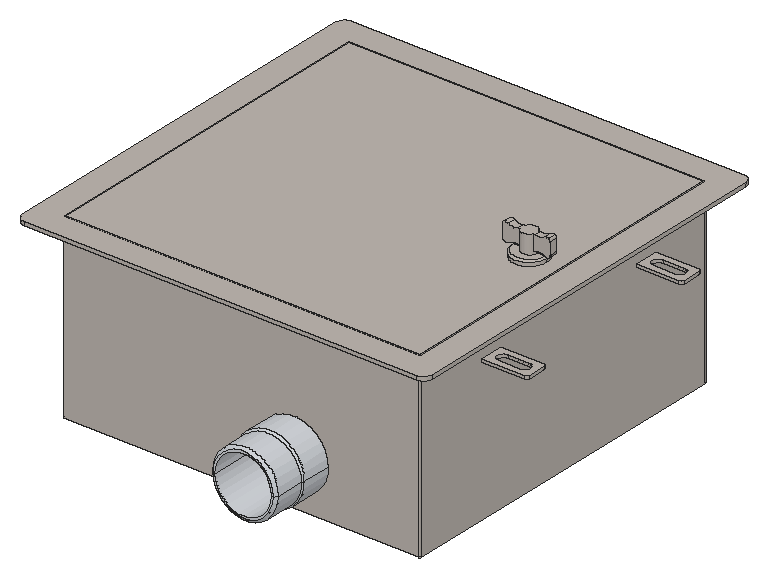
Revit family "MI-DIAL-2", category Pipe Accessories, host Face, Revit 2018
Family settings
  Host = Face
  Round Connector Dimension = Use Diameter
  Part Type = Normal
  Cut with Voids When Loaded = No
  Shared = No
Parameters
  URL = "www.mifab.com"
  Model = "MI-DIAL-2"
  Manufacturer = "MIFAB"
  Description = "STAINLESS STEEL SUPPLY & WASTE DIALYSIS BOX WITH TWO VALVES & DOOR"
  Default Elevation = 4' - 0"
Reference planes (in)
  plane 1 "Center (Front/Back)": y = 0
  plane 2: z = 0
  plane 3 "Center (Left/Right)": x = 0
  plane 4: x = -6.875
  plane 5: x = 6.875
  plane 6: y = 6.875
  plane 7: y = -6.875
  plane 8: x = -6
  plane 9: x = 6
  plane 10: y = 6
  plane 11: y = -6
  plane 12: z = 0.03906
  plane 13: x = 0.76141
  plane 14: x = 2.35719
  plane 15: y = 0.09416
  plane 16: y = -0.09416
  plane 17: y = -4.37545
  plane 18: y = 4.3125
  plane 19: x = 1.5601
  plane 20: y = 6.625
  plane 21: y = -3.96094
Forms (in)
  Extrusion 1, solid, material "Box Material"
    sketch origin (0, 0, -4.791) x (1, 0, 0) y (0, 1, 0)
      loop
        arc (-6.875, -6.57732) -> (-6.78781, -6.78781) -> (-6.57732, -6.875) r 0.29768
        line (-6.57732, -6.875) -> (6.57813, -6.875)
        arc (6.57813, -6.875) -> (6.78805, -6.78805) -> (6.875, -6.57813) r 0.29688
        line (6.875, -6.57813) -> (6.875, 6.56627)
        arc (6.875, 6.56627) -> (6.78458, 6.78458) -> (6.56627, 6.875) r 0.30873
        line (6.56627, 6.875) -> (-6.56627, 6.875)
        arc (-6.56627, 6.875) -> (-6.78458, 6.78458) -> (-6.875, 6.56627) r 0.30873
        line (-6.875, 6.56627) -> (-6.875, -6.57732)
      loop
        arc (-5.94945, 6) -> (-5.98519, 5.98519) -> (-6, 5.94945) r 0.05055
        line (-6, 5.94945) -> (-6, -5.94922)
        arc (-6, -5.94922) -> (-5.98513, -5.98513) -> (-5.94922, -6) r 0.05078
        line (-5.94922, -6) -> (5.94922, -6)
        arc (5.94922, -6) -> (5.98513, -5.98513) -> (6, -5.94922) r 0.05078
        line (6, -5.94922) -> (6, 5.94922)
        arc (6, 5.94922) -> (5.98513, 5.98513) -> (5.94922, 6) r 0.05078
        line (5.94922, 6) -> (-5.94945, 6)
    from 5.95175 to 6.0625
  Extrusion 2, solid, material "Box Material"
    sketch origin (0, 0, -4.791) x (1, 0, 0) y (0, 1, 0)
      loop
        arc (6, 5.94922) -> (5.98513, 5.98513) -> (5.94922, 6) r 0.05078
        line (5.94922, 6) -> (-5.94945, 6)
        arc (-5.94945, 6) -> (-5.98519, 5.98519) -> (-6, 5.94945) r 0.05055
        line (-6, 5.94945) -> (-6, -5.94922)
        arc (-6, -5.94922) -> (-5.98513, -5.98513) -> (-5.94922, -6) r 0.05078
        line (-5.94922, -6) -> (5.94922, -6)
        arc (5.94922, -6) -> (5.98513, -5.98513) -> (6, -5.94922) r 0.05078
        line (6, -5.94922) -> (6, 5.94922)
      loop
        line (-5.96094, 5.96156) -> (-5.96094, -5.96094) -> (5.96094, -5.96094) -> (5.96094, 5.96156) -> (-5.96094, 5.96156)
    from 0.03906 to 6.0625
  Extrusion 3, solid, material "Box Material"
    sketch origin (0, 0, -4.791) x (1, 0, 0) y (0, 1, 0)
      loop
        line (-6, 5.94945) -> (-6, -5.94922)
        arc (-6, -5.94922) -> (-5.98513, -5.98513) -> (-5.94922, -6) r 0.05078
        line (-5.94922, -6) -> (5.94922, -6)
        arc (5.94922, -6) -> (5.98513, -5.98513) -> (6, -5.94922) r 0.05078
        line (6, -5.94922) -> (6, 5.94922)
        arc (6, 5.94922) -> (5.98513, 5.98513) -> (5.94922, 6) r 0.05078
        line (5.94922, 6) -> (-5.94945, 6)
        arc (-5.94945, 6) -> (-5.98519, 5.98519) -> (-6, 5.94945) r 0.05055
    from 0 to 0.03906
  Extrusion 4, solid, material "Box Material"
    sketch origin (0, 0, -4.791) x (1, 0, 0) y (0, 1, 0)
      loop
        line (6, 3.84196) -> (6, 3.03435) -> (7.46993, 3.03435)
        arc (7.46993, 3.03435) -> (7.53919, 3.06304) -> (7.56788, 3.1323) r 0.09795
        line (7.56788, 3.1323) -> (7.56788, 3.7443)
        arc (7.56788, 3.7443) -> (7.53928, 3.81335) -> (7.47022, 3.84196) r 0.09766
        line (7.47022, 3.84196) -> (6, 3.84196)
      loop
        arc (7.17644, 3.24703) -> (7.36771, 3.4383) -> (7.17644, 3.62957) r 0.19127
        line (7.17644, 3.62957) -> (6.43294, 3.62957)
        arc (6.43294, 3.62957) -> (6.24167, 3.4383) -> (6.43294, 3.24703) r 0.19127
        line (6.43294, 3.24703) -> (7.17644, 3.24703)
      loop
        line (-6, 3.84196) -> (-7.47022, 3.84196)
        arc (-7.47022, 3.84196) -> (-7.53928, 3.81335) -> (-7.56788, 3.7443) r 0.09766
        line (-7.56788, 3.7443) -> (-7.56788, 3.1323)
        arc (-7.56788, 3.1323) -> (-7.53919, 3.06304) -> (-7.46993, 3.03435) r 0.09795
        line (-7.46993, 3.03435) -> (-6, 3.03435) -> (-6, 3.84196)
      loop
        line (-7.17644, 3.24703) -> (-6.43294, 3.24703)
        arc (-6.43294, 3.24703) -> (-6.24167, 3.4383) -> (-6.43294, 3.62957) r 0.19127
        line (-6.43294, 3.62957) -> (-7.17644, 3.62957)
        arc (-7.17644, 3.62957) -> (-7.36771, 3.4383) -> (-7.17644, 3.24703) r 0.19127
      loop
        line (6, -2.65804) -> (6, -3.46565) -> (7.46993, -3.46565)
        arc (7.46993, -3.46565) -> (7.53919, -3.43696) -> (7.56788, -3.3677) r 0.09795
        line (7.56788, -3.3677) -> (7.56788, -2.7557)
        arc (7.56788, -2.7557) -> (7.53928, -2.68665) -> (7.47022, -2.65804) r 0.09766
        line (7.47022, -2.65804) -> (6, -2.65804)
      loop
        arc (7.17644, -3.25297) -> (7.36771, -3.0617) -> (7.17644, -2.87043) r 0.19127
        line (7.17644, -2.87043) -> (6.43294, -2.87043)
        arc (6.43294, -2.87043) -> (6.24167, -3.0617) -> (6.43294, -3.25297) r 0.19127
        line (6.43294, -3.25297) -> (7.17644, -3.25297)
      loop
        line (-6, -2.65804) -> (-7.47022, -2.65804)
        arc (-7.47022, -2.65804) -> (-7.53928, -2.68665) -> (-7.56788, -2.7557) r 0.09766
        line (-7.56788, -2.7557) -> (-7.56788, -3.3677)
        arc (-7.56788, -3.3677) -> (-7.53919, -3.43696) -> (-7.46993, -3.46565) r 0.09795
        line (-7.46993, -3.46565) -> (-6, -3.46565) -> (-6, -2.65804)
      loop
        line (-7.17644, -3.25297) -> (-6.43294, -3.25297)
        arc (-6.43294, -3.25297) -> (-6.24167, -3.0617) -> (-6.43294, -2.87043) r 0.19127
        line (-6.43294, -2.87043) -> (-7.17644, -2.87043)
        arc (-7.17644, -2.87043) -> (-7.36771, -3.0617) -> (-7.17644, -3.25297) r 0.19127
    from 4.791 to 4.875
  Extrusion 5, solid, material "Box Material"
    sketch origin (0, 0, -4.791) x (1, 0, 0) y (0, 1, 0)
      loop
        line (-5.96094, 5.96156) -> (-5.96094, -5.96094) -> (5.96094, -5.96094) -> (5.96094, 5.96156) -> (-5.96094, 5.96156)
    from 5.841 to 6.0625
  Revolve 6, solid
    sketch origin (-17.5625, 0, -2.541) x (1, 0, 0) y (0, 1, 0)
      loop
        line (15.125, 6.625) -> (14.5138, 6.625) -> (14.5138, 5.30674) -> (15.125, 5.30674) -> (15.125, 6.625)
      axis (14.5138, 5.30674) -> (14.5138, 6.625)
    angle from 0 to 360
  Extrusion 7, solid, material "Box Material"
    sketch origin (0, 0, -4.791) x (1, 0, 0) y (0, 1, 0)
      loop
        line (5.96094, -3.96094) -> (-5.96094, -3.96094) -> (-5.96094, -5.96094) -> (5.96094, -5.96094) -> (5.96094, -3.96094)
    from 4.791 to 4.875
  Extrusion 8, void
    sketch origin (5.94922, 6, -4.791) x (1, 0, 0) y (0, 0, 1)
      loop
        circle (-8.99792, 2.25) r 0.6112
      loop
        circle (-2.98229, 2.25) r 0.6112
    from 0 to 0.03844
  Revolve 9, solid
    sketch origin (-11.54688, 0, -2.541) x (1, 0, 0) y (0, 1, 0)
      loop
        line (15.125, 6.625) -> (14.5138, 6.625) -> (14.5138, 5.30674) -> (15.125, 5.30674) -> (15.125, 6.625)
      axis (14.5138, 5.30674) -> (14.5138, 6.625)
    angle from 0 to 360
  Extrusion 10, void
    sketch origin (0, 0, 0) x (1, 0, 0) y (0, 1, 0)
      loop
        line (-6, 5.94945) -> (-6, -5.94922)
        arc (-6, -5.94922) -> (-5.98513, -5.98513) -> (-5.94922, -6) r 0.05078
        line (-5.94922, -6) -> (5.94922, -6)
        arc (5.94922, -6) -> (5.98513, -5.98513) -> (6, -5.94922) r 0.05078
        line (6, -5.94922) -> (6, 5.94922)
        arc (6, 5.94922) -> (5.98513, 5.98513) -> (5.94922, 6) r 0.05078
        line (5.94922, 6) -> (-5.94945, 6)
        arc (-5.94945, 6) -> (-5.98519, 5.98519) -> (-6, 5.94945) r 0.05055
    from -4.791 to 0
Cuts and joins
  Extrusion 8 cuts Extrusion 2
  joined: Extrusion 1, Extrusion 2, Extrusion 3
  Extrusion 8 cuts Revolve 6
  Extrusion 8 cuts Revolve 9
  Extrusion 10 cuts Extrusion 7
Dimensions and locks (in)
  equal spacing: plane 4, plane 3 "Center (Left/Right)", plane 5
  plane 4 to plane 5 = 1' - 1 3/4"
  equal spacing: plane 7, plane 1 "Center (Front/Back)", plane 6
  locked: plane 7 to plane 6 at 13.75
  equal spacing: plane 8, plane 3 "Center (Left/Right)", plane 9
  plane 8 to plane 9 = 1' - 0"
  equal spacing: plane 10, plane 1 "Center (Front/Back)", plane 11
  plane 10 to plane 11 = 1' - 0"
  locked: plane 12 to plane 2 at 0.03906
  locked: plane 10 to plane 20 at 0.625
  cut or joined group of Extrusion 1, Extrusion 2, Extrusion 3, Extrusion 8 to cut or joined group of Extrusion 1, Extrusion 2, Extrusion 3, Extrusion 8 = 0' - 6 1/16"
  aligned and locked: plane 2 to host face
  aligned and locked: level to host face
  aligned and locked: Extrusion 3 sketch curve to Extrusion 2  (x4)
  aligned and locked: Extrusion 8 sketch curve to Revolve 6  (x2)
  aligned and locked: Extrusion 8 to Extrusion 1
  aligned and locked: Extrusion 2 to Extrusion 8
  aligned and locked: Extrusion 8 sketch curve to Revolve 9  (x2)
  aligned and locked: Extrusion 10 sketch curve to cut or joined group of Extrusion 1, Extrusion 2, Extrusion 3, Extrusion 8  (x4)
  aligned and locked: Extrusion 10 to Extrusion 3
  aligned and locked: level to Extrusion 10
Automatic sketch dimensions
  host sketch curve to host sketch curve = 8' - 0"  (x2)
  Extrusion 2 sketch curve to Extrusion 2 sketch curve = 0' - 0.01149"
  Extrusion 2 sketch curve to Extrusion 2 sketch curve = 0' - 0 3/256"  (x4)
  Extrusion 2 sketch curve to Extrusion 2 sketch curve = 0' - 0.01234"
  Extrusion 4 sketch curve to Extrusion 4 sketch curve = 0' - 0.29349"  (x4)
  Extrusion 4 sketch curve to Extrusion 4 sketch curve = 0' - 0.29379"  (x4)
  Extrusion 4 sketch curve to Extrusion 4 sketch curve = 0' - 0.09795"  (x3)
  Extrusion 4 sketch curve to Extrusion 4 sketch curve = 0' - 0 25/256"  (x2)
  Extrusion 4 sketch curve to Extrusion 4 sketch curve = 0' - 0.11473"  (x8)
  Extrusion 4 sketch curve to Extrusion 4 sketch curve = 0' - 0.19127"  (x4)
  Extrusion 4 sketch curve to Extrusion 4 sketch curve = 0' - 0"  (x10)
  Revolve 6 sketch curve to Revolve 6 sketch curve = 0' - 0.6112"
  Revolve 6 sketch curve to Revolve 6 sketch curve = 0' - 0"  (x2)
  Revolve 9 sketch curve to Revolve 9 sketch curve = 0' - 0.6112"
  Revolve 9 sketch curve to Revolve 9 sketch curve = 0' - 0"  (x2)
  Extrusion 1 sketch curve to Extrusion 1 sketch curve = 0' - 0.56627"  (x2)
  Extrusion 1 sketch curve to Extrusion 1 sketch curve = 0' - 0.6281"
  Extrusion 1 sketch curve to Extrusion 1 sketch curve = 0' - 0.30873"  (x2)
  Extrusion 1 sketch curve to Extrusion 1 sketch curve = 0' - 0 161/256"
  Extrusion 1 sketch curve to Extrusion 1 sketch curve = 0' - 0.57732"
  Extrusion 1 sketch curve to Extrusion 1 sketch curve = 0' - 0.61705"
  Extrusion 2 sketch curve to Extrusion 2 sketch curve = 0' - 0 5/128"  (x2)
  Extrusion 2 sketch curve to Extrusion 2 sketch curve = 0' - 11.89866"
  Extrusion 2 sketch curve to Extrusion 2 sketch curve = 0' - 11 115/128"
  Extrusion 4 sketch curve to Extrusion 4 sketch curve = 0' - 0.7435"  (x4)
  Extrusion 4 sketch curve to Extrusion 4 sketch curve = 0' - 0.43294"  (x4)
  Extrusion 4 sketch curve to Extrusion 4 sketch curve = 1' - 0"
  Extrusion 4 sketch curve to Extrusion 4 sketch curve = 0' - 5.6924"  (x2)
  Extrusion 5 sketch curve to Extrusion 5 sketch curve = 0' - 11 59/64"
  Extrusion 5 sketch curve to Extrusion 5 sketch curve = 0' - 11.9225"
  Revolve 6 sketch curve to Revolve 6 sketch curve = 0' - 1.31826"
  Revolve 6 sketch curve to Revolve 6 sketch curve = 0' - 0.26185"
  Extrusion 7 sketch curve to Extrusion 7 sketch curve = 0' - 11 59/64"
  Extrusion 7 sketch curve to Extrusion 7 sketch curve = 0' - 2"
  Revolve 9 sketch curve to Revolve 9 sketch curve = 0' - 1.31826"
  Revolve 9 sketch curve to Revolve 9 sketch curve = 0' - 0.26185"
  Extrusion 1 sketch curve to plane 4 = 0' - 0"
  plane 7 to Extrusion 1 sketch curve = 0' - 0"
  plane 10 to Extrusion 1 sketch curve = 0' - 0"
  Extrusion 1 sketch curve to plane 11 = 0' - 0"
  Extrusion 1 sketch curve to plane 9 = 0' - 0"
  Extrusion 1 sketch curve to plane 6 = 0' - 0"
  plane 8 to Extrusion 1 sketch curve = 0' - 0.05055"
  Extrusion 1 sketch curve to Extrusion 1 sketch curve = 0' - 0 13/256"
  Extrusion 2 sketch curve to plane 8 = 0' - 0"
  plane 11 to Extrusion 2 sketch curve = 0' - 0"
  Extrusion 4 sketch curve to plane 8 = 0' - 0"
  plane 21 to Extrusion 4 sketch curve = 0' - 0.49529"
  plane 8 to Extrusion 5 sketch curve = 0' - 0 5/128"
  plane 11 to Extrusion 5 sketch curve = 0' - 0 5/128"
  plane 20 to Revolve 6 sketch curve = 0' - 0"
  plane 8 to Revolve 6 sketch curve = 0' - 2.9513"
  Extrusion 7 sketch curve to plane 21 = 0' - 0"
  plane 8 to Extrusion 7 sketch curve = 0' - 0 5/128"
  plane 20 to Revolve 9 sketch curve = 0' - 0"
  Revolve 9 sketch curve to plane 14 = 0' - 0.60974"
Nested families (in)
  nested 1: "Bottom Con1" at (1.75, -6, -3.166) x (-1, 0, 0) z (0, -1, 0), type "Bottom Con1"
  nested 2: "Rooted  switch" at (4.87052, 0, 1.2715), type "Rooted  switch"
Connectors (in)
  piping at (-3.0487, 6.625, -2.541), diameter 0.5
    settings: on cut or joined group of Revolve 6, Extrusion 8, index 1, connector inside diameter 609.6 mm, connector length 0' - 0", flow factor 0, pipe flow 0.0 L/s, pressure drop 0.0 Pa, fitting loss kfactor 0, connector angle 0.00°, fixture units 0, engagement length 0' - 0", angle of deflection 0.00°, flow configuration 0, flow direction 1, fitting loss method 0, system type 7, joint type 0, gender type 0, connector reference index -1, connector utility 0, adjustable connector no, is connector primary yes, connector description ""
  piping at (2.96693, 6.625, -2.541), diameter 0.5
    settings: on cut or joined group of Extrusion 8, Revolve 9, index 2, connector inside diameter 609.6 mm, connector length 0' - 0", flow factor 0, pipe flow 0.0 L/s, pressure drop 0.0 Pa, fitting loss kfactor 0, connector angle 0.00°, fixture units 0, engagement length 0' - 0", angle of deflection 0.00°, flow configuration 0, flow direction 1, fitting loss method 0, system type 7, joint type 0, gender type 0, connector reference index -1, connector utility 0, adjustable connector no, is connector primary no, connector description ""
  piping at (1.75, -8.09791, -3.166), diameter 2
    settings: on nested 1, index 3, connector inside diameter 609.6 mm, connector length 0' - 0", flow factor 0, pipe flow 0.0 L/s, pressure drop 0.0 Pa, fitting loss kfactor 0, connector angle 0.00°, fixture units 0, engagement length 0' - 0", angle of deflection 0.00°, flow configuration 0, flow direction 2, fitting loss method 0, system type 16, joint type 0, gender type 0, connector reference index -1, connector utility 0, adjustable connector no, is connector primary no, connector description ""
Definition of nested family "Bottom Con1"
  Parameters (values of type "Bottom Con1")
    Default Elevation = 4' - 0"
  Reference planes (in)
    plane 1 "Center (Front/Back)": y = 0
    plane 2: z = 0
    plane 3 "Center (Left/Right)": x = 0
  Forms (in)
    Extrusion 1, solid
      sketch origin (0, 0, 0) x (1, 0, 0) y (0, 1, 0)
        loop
          line (-48, 48) -> (-48, -48) -> (48, -48) -> (48, 48) -> (-48, 48)
      from 0 to -12
    Revolve 2, solid
      sketch origin (-17.8814, 0, 10.75134) x (1, 0, 0) y (0, 0, -1)
        loop
          line (18.82825, 10.75134) -> (18.82825, 8.65343) -> (18.8939, 8.65343) -> (18.98777, 8.74729) -> (18.98777, 9.68522) -> (19.03824, 9.75729) -> (19.03824, 10.75134) -> (18.82825, 10.75134)
        axis (17.8814, 8.65343) -> (17.8814, 10.75134)
      angle from 0 to 360
  Dimensions and locks (in)
    aligned and locked: plane 2 to Extrusion 1
    aligned and locked: level to Extrusion 1
Definition of nested family "Rooted  switch"
  Parameters (values of type "Rooted  switch")
    Material = none
    Default Elevation = 4' - 0"
  Reference planes (in)
    plane 1 "Center (Front/Back)": y = 0
    plane 2: z = 0
    plane 3 "Center (Left/Right)": x = 0
  Forms (in)
    Extrusion 1, solid
      sketch origin (0, 0, 0) x (1, 0, 0) y (0, 1, 0)
        loop
          line (-48, 48) -> (-48, -48) -> (48, -48) -> (48, 48) -> (-48, 48)
      from 0 to -12
    Revolve 2, solid, material <- "Material"
      sketch origin (-1.57827, 0, 15.64376) x (1, 0, 0) y (0, 0, -1)
        loop
          line (1.57827, 15.64376) -> (1.57827, 14.87521) -> (1.82915, 14.87521) -> (1.82915, 15.47816) -> (2.10161, 15.47816) -> (2.15874, 15.53529) -> (2.15874, 15.64376) -> (1.57827, 15.64376)
        axis (1.57827, 15.64376) -> (1.57827, 14.87521)
      angle from 0 to 360
    Extrusion 3, solid, material <- "Material"
      sketch origin (-1.57827, -1.25, 15.64376) x (1, 0, 0) y (0, 1, 0)
        loop
          line (1.73496, 1.375) -> (1.73496, 1.125) -> (2.39514, 1.125) -> (2.39514, 1.375) -> (1.73496, 1.375)
        loop
          line (1.40421, 1.375) -> (0.76141, 1.375) -> (0.76141, 1.125) -> (1.40421, 1.125) -> (1.40421, 1.375)
      from -15.41877 to -14.80436
    Extrusion 4, void
      sketch origin (-1.57827, -1.25, 15.64376) x (1, 0, 0) y (0, 0, -1)
        loop
          arc (1.78763, 15.38205) -> (1.98861, 15.32744) -> (2.18676, 15.39159) r 0.36516
          arc (2.18676, 15.39159) -> (2.25947, 15.41448) -> (2.33253, 15.39274) r 0.13017
          arc (2.33253, 15.39274) -> (2.36455, 15.35764) -> (2.37614, 15.31156) r 0.09736
          line (2.37614, 15.31156) -> (2.37614, 14.90943)
          arc (2.37614, 14.90943) -> (2.36455, 14.86336) -> (2.33253, 14.82825) r 0.09736
          arc (2.33253, 14.82825) -> (2.25947, 14.80651) -> (2.18676, 14.82941) r 0.13017
          arc (2.18676, 14.82941) -> (2.03139, 14.89001) -> (1.86529, 14.87521) r 0.36516
          line (1.86529, 14.87521) -> (1.73496, 14.87521) -> (1.73496, 14.79867) -> (2.43157, 14.79867) -> (2.43157, 15.42233) -> (1.78763, 15.42233) -> (1.78763, 15.38205)
      from 1.0162 to 1.4737
    Extrusion 5, void
      sketch origin (1.57827, -1.25, 15.64376) x (-1, 0, 0) y (0, 0, 1)
        loop
          line (1.79502, -15.3776) -> (1.79502, -15.42233) -> (2.43157, -15.42233) -> (2.43157, -14.79867) -> (1.7442, -14.79867) -> (1.7442, -14.87521) -> (1.86529, -14.87521)
          arc (1.86529, -14.87521) -> (2.03139, -14.89001) -> (2.18676, -14.82941) r 0.36516
          arc (2.18676, -14.82941) -> (2.25947, -14.80651) -> (2.33253, -14.82825) r 0.13017
          arc (2.33253, -14.82825) -> (2.36455, -14.86336) -> (2.37614, -14.90943) r 0.09736
          line (2.37614, -14.90943) -> (2.37614, -15.31156)
          arc (2.37614, -15.31156) -> (2.36455, -15.35764) -> (2.33253, -15.39274) r 0.09736
          arc (2.33253, -15.39274) -> (2.25947, -15.41448) -> (2.18676, -15.39159) r 0.13017
          arc (2.18676, -15.39159) -> (1.99292, -15.32757) -> (1.79502, -15.3776) r 0.36516
      from 1.0162 to 1.4737
  Cuts and joins
    Extrusion 4, Extrusion 5 cuts Extrusion 3
    joined: Revolve 2, Extrusion 3
  Dimensions and locks (in)
    aligned and locked: plane 2 to Extrusion 1
    aligned and locked: level to Extrusion 1
